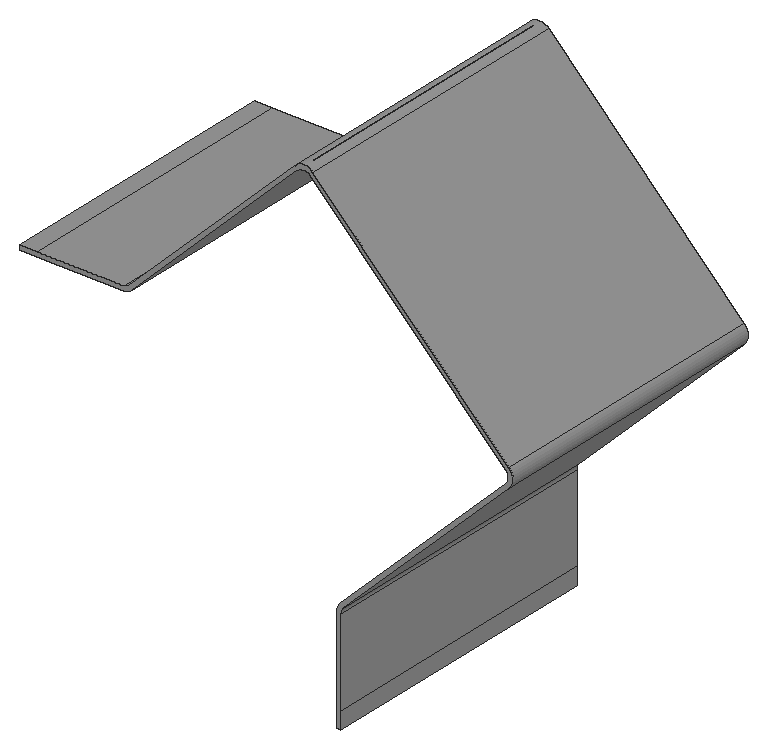
Revit family "ACC-MNT-10", category Security Devices, host Face, Revit 2019
Family settings
  Host = Face
  Maintain Annotation Orientation = Yes
  Round Connector Dimension = Use Diameter
  Part Type = Normal
  Cut with Voids When Loaded = No
  Shared = No
  Room Calculation Point = No
Parameters (values of type "ACC-MNT-10")
  URL = "https://docs.verkada.com/docs/accessories-overview.pdf"
  Type Image = <None>
  Model = "ACC-MNT-10"
  Manufacturer = "VERKADA"  # constant formula
  Description = "CORNER MOUNT"
  Default Elevation = 2438.40 mm  # constant formula
Reference planes
  plane 1 "Center (Front/Back)": y = 0
  plane 2: z = 0
  plane 3 "Center (Left/Right)": x = 0
Forms (mm)
  Extrusion 1, solid, material "Verkada White"
    sketch origin (41.099, 0, 41.099) x (0.707107, 0, -0.707107) y (0.707107, 0, 0.707107)
      loop
        line (-89.004, -143.536) -> (-124.36, -178.891) -> (-131.431, -185.962) -> (-129.635, -187.758) -> (-122.564, -180.687) -> (-87.208, -145.332)
        arc (-87.208, -145.332) -> (-85.574, -142.885) -> (-85, -140) r 7.54
        line (-85, -140) -> (-85, -5)
        arc (-85, -5) -> (-83.536, -1.464) -> (-80, 0) r 5
        line (-80, 0) -> (80, 0)
        arc (80, 0) -> (83.536, -1.464) -> (85, -5) r 5
        line (85, -5) -> (85, -140)
        arc (85, -140) -> (85.574, -142.885) -> (87.208, -145.332) r 7.54
        line (87.208, -145.332) -> (122.564, -180.687) -> (129.635, -187.758) -> (131.431, -185.962) -> (124.36, -178.891) -> (89.004, -143.536)
        arc (89.004, -143.536) -> (87.921, -141.913) -> (87.54, -140) r 5
        line (87.54, -140) -> (87.54, -5)
        arc (87.54, -5) -> (85.332, 0.332) -> (80, 2.54) r 7.54
        line (80, 2.54) -> (-80, 2.54)
        arc (-80, 2.54) -> (-85.332, 0.332) -> (-87.54, -5) r 7.54
        line (-87.54, -5) -> (-87.54, -140)
        arc (-87.54, -140) -> (-87.921, -141.913) -> (-89.004, -143.536) r 5
    from -85 to 85
Lines and regions (mm)
  reference lines
    curve 1: line (-223.331, 0, 0) -> (151.669, 0, 0)
Dimensions and locks
  aligned and locked: plane 2 to host face
  aligned and locked: level to host face
